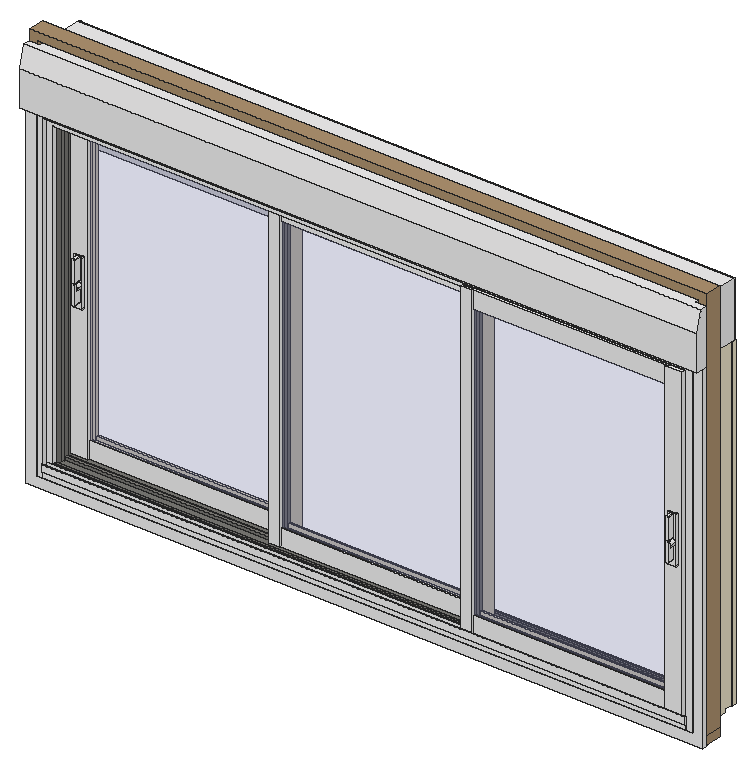
Revit family "K-LINE COULISSANT RENO-applique-KLBC3R-3V - Bloc Baie", category Fenêtres, Revit 2017 (continued)
Definition of nested family "Dormant KL-BC3R RENO applique occultation"
  Dimensions and locks
    aligned and locked: Extrusion 5 sketch curve to plane 6
    aligned and locked: Sweep 2 sketch curve to plane 5
    aligned and locked: plane 9 to Sweep 2 sketch curve
    aligned and locked: plane 1 "Centre (avant/arrière)" to Sweep 2 sketch curve
    aligned and locked: plane 6 to Sweep 2 sketch curve
    aligned and locked: Sweep 2 sketch curve to plane 10
    aligned and locked: plane 20 to Sweep 2 sketch curve
    aligned and locked: Sweep 3 sketch curve to plane 10
    aligned and locked: Sweep 3 sketch curve to plane 11
    aligned and locked: plane 5 to Sweep 3 sketch curve
    aligned and locked: plane 8 to Sweep 3 sketch curve
    aligned and locked: Sweep 1 sketch curve to plane 11
    aligned and locked: Sweep 1 sketch curve to plane 5
    aligned and locked: Sweep 1 sketch curve to plane 9
    aligned and locked: nested 4 to plane 1 "Centre (avant/arrière)"
    aligned and locked: plane 14 to nested 4
    aligned and locked: plane 2 to nested 3
    aligned and locked: plane 1 "Centre (avant/arrière)" to nested 3
    aligned and locked: plane 2 to Sweep 3 sketch curve  (x2)
    aligned and locked: plane 2 to Sweep 1 sketch curve  (x2)
    aligned and locked: plane 2 to Extrusion 4 sketch curve
    aligned and locked: plane 1 "Centre (avant/arrière)" to Extrusion 5 sketch curve
    aligned and locked: Extrusion 5 sketch curve to plane 2
    aligned and locked: Extrusion 5 to plane 23
    aligned and locked: Extrusion 5 to plane 20
    aligned and locked: nested 5 to plane 24
    aligned and locked: plane 25 to nested 5
    aligned and locked: Sweep 6 sketch curve to plane 28
    aligned and locked: Sweep 6 sketch curve to plane 29
    aligned and locked: nested 6 to plane 28
    aligned and locked: plane 24 to nested 6
    aligned and locked: nested 7 to plane 24
    aligned and locked: nested 7 to plane 30
    aligned and locked: plane 31 to nested 8
    aligned and locked: Sweep 1 sketch curve to plane 32
    aligned and locked: Sweep 1 sketch curve to plane 7
    aligned and locked: plane 31 to Extrusion 7 sketch curve
    aligned and locked: plane 24 to Extrusion 7 sketch curve
    aligned and locked: plane 34 to Extrusion 7 sketch curve
    aligned and locked: Extrusion 7 sketch curve to plane 26
    aligned and locked: Extrusion 7 to plane 29
    aligned and locked: Extrusion 7 to plane 27
    aligned and locked: plane 31 to Sweep 6 sketch curve  (x2)
    aligned and locked: plane 26 to Sweep 6 sketch curve
    aligned and locked: Sweep 3 sketch curve to plane 8
    aligned and locked: Sweep 3 sketch curve to plane 36
    aligned and locked: Sweep 3 sketch curve to plane 35
    aligned and locked: plane 9 to Sweep 3 sketch curve
    aligned and locked: plane 7 to Extrusion 4 sketch curve
    aligned and locked: plane 6 to Extrusion 4 sketch curve
    aligned and locked: Extrusion 8 sketch curve to plane 22
    aligned and locked: Extrusion 8 sketch curve to plane 4
    aligned and locked: plane 38 to Extrusion 8 sketch curve
    aligned and locked: plane 32 to Extrusion 8 sketch curve
    aligned and locked: Extrusion 8 sketch curve to plane 38
    aligned and locked: Extrusion 8 sketch curve to plane 32
    aligned and locked: plane 21 to Extrusion 8 sketch curve
    aligned and locked: plane 5 to Extrusion 8 sketch curve
    aligned and locked: plane 39 to Extrusion 8
    aligned and locked: plane 14 to Extrusion 8
    aligned and locked: Sweep 1 sketch curve to plane 21
    aligned and locked: plane 5 to Extrusion 10 sketch curve
    aligned and locked: plane 33 to Extrusion 10 sketch curve
    aligned and locked: plane 1 "Centre (avant/arrière)" to Extrusion 10 sketch curve
    aligned and locked: plane 24 to Extrusion 10 sketch curve
    aligned and locked: Extrusion 10 sketch curve to plane 1 "Centre (avant/arrière)"
    aligned and locked: Extrusion 10 sketch curve to plane 24
    aligned and locked: Extrusion 10 sketch curve to plane 4
    aligned and locked: plane 40 to Extrusion 10 sketch curve
    aligned and locked: Extrusion 10 to plane 2
    aligned and locked: plane 14 to Extrusion 10
    aligned and locked: plane 41 to Sweep 6 sketch curve
    aligned and locked: plane 5 to Sweep 9 sketch curve
    aligned and locked: Sweep 9 sketch curve to plane 33
    aligned and locked: plane 1 "Centre (avant/arrière)" to Sweep 9 sketch curve
    aligned and locked: Sweep 9 sketch curve to plane 24
  Automatic sketch dimensions
    Extrusion 5 sketch curve to plane 16 = 0.00 mm
    plane 1 "Centre (avant/arrière)" to Extrusion 5 sketch curve = 3.00 mm
    Extrusion 5 sketch curve to Extrusion 5 sketch curve = 2.00 mm
    plane 10 to Extrusion 5 sketch curve = 0.965 mm
    plane 15 to Extrusion 5 sketch curve = 2.00 mm
    Extrusion 5 sketch curve to plane 16 = 0.80 mm
    Sweep 1 sketch curve to plane 4 = 0.00 mm
    plane 5 to Sweep 1 sketch curve = 0.00 mm
    Sweep 1 sketch curve to Sweep 1 sketch curve = 9.80 mm
    Sweep 1 sketch curve to Sweep 1 sketch curve = 12.50 mm
    Sweep 2 sketch curve to level = 0.00 mm
    Sweep 2 sketch curve to plane 4 = 0.00 mm
    plane 5 to Sweep 2 sketch curve = 0.00 mm
    Sweep 2 sketch curve to plane 14 = 0.00 mm
    Sweep 3 sketch curve to plane 4 = 0.00 mm
    plane 5 to Sweep 3 sketch curve = 0.00 mm
    Sweep 3 sketch curve to plane 14 = 0.00 mm
    Sweep 6 sketch curve to plane 1 "Centre (avant/arrière)" = 16.75 mm
    Extrusion 4 sketch curve to plane 36 = 0.00 mm
    Extrusion 4 sketch curve to plane 35 = 0.00 mm
    Extrusion 4 sketch curve to plane 12 "Axe clou Int" = 0.00 mm
    plane 10 to Extrusion 4 sketch curve = 0.965 mm
    plane 37 to Extrusion 4 sketch curve = 0.001 mm
    plane 11 to Extrusion 4 sketch curve = 1.035 mm
    plane 13 "Axe coul Ext" to Extrusion 4 sketch curve = 0.001 mm
    plane 16 to Extrusion 4 sketch curve = 1.20 mm  (x4)
    Extrusion 4 sketch curve to Extrusion 4 sketch curve = 1.20 mm  (x2)
    plane 16 to Extrusion 4 sketch curve = 2.70 mm  (x3)
    Extrusion 8 sketch curve to plane 4 = 4.30 mm
    Extrusion 8 sketch curve to plane 5 = 4.30 mm
    Extrusion 8 sketch curve to plane 38 = 15.00 mm  (x2)
    Sweep 9 sketch curve to level = 0.00 mm
    Sweep 9 sketch curve to plane 4 = 0.00 mm
    Sweep 9 sketch curve to plane 14 = 0.00 mm  (x2)
    plane 5 to Sweep 9 sketch curve = 0.00 mm
    plane 5 to Sweep 6 sketch curve = 0.00 mm
    Sweep 6 sketch curve to plane 4 = 0.00 mm
  Nested families
    nested 1: "Détail 2D - Montant dormant BC3R RENO Applique" at (1195.7, 0, 0) x (0, -1, 0) z (0, 0, 1), type "Détail 2D - Montant dormant BC3R RENO Applique"
      with A 13.00 mm, Aile 38.00 mm
    nested 2: "Détail 2D - Montant dormant BC3R RENO Applique" at (-1195.7, 0, 0) x (0, -1, 0) z (0, 0, 1), type "Détail 2D - Montant dormant BC3R RENO Applique"
      with A 13.00 mm, Aile 38.00 mm
    nested 3: "Détail 2D - Traverse dormant BC3R RENO Applique occultation" at (0, 0, 0) x (0, -1, 0) z (1, 0, 0), Avec aile <- "Avec aile", type "Détail 2D - Traverse dormant BC3R RENO Applique occultation"
      with Traverses haute no, Traverse basse yes, Avec aile yes, A 11.00 mm
    nested 4: "Détail 2D - Traverse dormant BC3R RENO Applique occultation" at (0, 0, 1200) x (0, -1, 0) z (1, 0, 0), type "Détail 2D - Traverse dormant BC3R RENO Applique occultation"
      with Traverses haute yes, Traverse basse no, Avec aile no, A 23.00 mm
    nested 5: "Détail 2D cadre bois" at (1205, 16.75, 0), visible <- "Cadre existant - Visibilité", type "Détail 2D cadre bois"
      with P 60.00 mm
    nested 6: "Détail 2D cadre bois" at (-1205, 16.75, 0) x (-1, 0, 0) z (0, 0, 1), visible <- "Cadre existant - Visibilité", type "Détail 2D cadre bois"
      with P 60.00 mm
    nested 7: "Détail 2D cadre bois" at (0, 16.75, 1440) x (0, 0, -1) z (1, 0, 0), visible <- "Cadre existant - Visibilité", type "Détail 2D cadre bois"
      with P 60.00 mm
    nested 8: "Détail 2D cadre bois" at (0, 16.75, -35) x (0, 0, 1) z (1, 0, 0), visible <- "Cadre et sans aile", type "Détail 2D cadre bois"
      with P 60.00 mm
  Definition of nested family "Détail 2D - Montant dormant BC3R RENO Applique"
    Parameters
      Aile = 60.00 mm
      A [instance] = 13.00 mm
    Reference planes
      plane 1 "Centre (avant/arrière)": y = 0
      plane 2: z = 0
      plane 3 "Centre (gauche/droite)": x = 0
      plane 4: y = -46.8
      plane 5: x = -139.25
      plane 6: y = -33.8
      plane 7: y = -22.8
      plane 8: x = -124.25
      plane 9: x = -14.25
      plane 10: x = -29.25
      plane 11: x = -16.75
      plane 12: y = 60
      plane 13: x = -84.25
      plane 14: x = -69.25
      plane 15: y = 4.3
      plane 16: x = -191.75
      plane 17: y = -11
    Lines and regions (mm)
      Filled region 1, type "Uni - Gris", in view "Niveau de réf.", detail levels medium+fine
        outline origin (0, 0, 0) x (1, 0, 0) y (0, 1, 0)
          loop
            line (-29.25, -46.8) -> (-14.25, -46.8) -> (-14.25, -22.8) -> (0, -22.8) -> (0, 60) -> (-16.75, 60) -> (-16.75, 0) -> (-176.75, 0) -> (-176.75, 4.3) -> (-191.75, 4.3) -> (-191.75, -11) -> (-126.75, -11) -> (-126.75, -20.8) -> (-139.25, -20.8) -> (-139.25, -46.8) -> (-124.25, -46.8) -> (-124.25, -33.8) -> (-84.25, -33.8) -> (-84.25, -46.8) -> (-69.25, -46.8) -> (-69.25, -33.8) -> (-29.25, -33.8) -> (-29.25, -46.8)
      Filled region 2, type "Uni - Blanc", in view "Niveau de réf.", detail levels coarse
        outline origin (0, 0, 0) x (1, 0, 0) y (0, 1, 0)
          loop
            line (-139.25, 0) -> (-139.25, -46.8) -> (0, -46.8) -> (0, 0) -> (-139.25, 0)
    Dimensions and locks
      "A": plane 6 to plane 4
      plane 7 to plane 1 "Centre (avant/arrière)" = 22.80 mm
      locked: plane 7 to plane 4 at 24
      locked: plane 3 "Centre (gauche/droite)" to plane 9 at 14.25
      locked: plane 5 to plane 8 at 15
      locked: plane 10 to plane 9 at 15
      locked: plane 11 to plane 3 "Centre (gauche/droite)" at 16.75
      "Aile": plane 12 to plane 1 "Centre (avant/arrière)"
      locked: plane 13 to plane 14 at 15
      locked: plane 8 to plane 13 at 40
      locked: plane 14 to plane 10 at 40
      locked: plane 1 "Centre (avant/arrière)" to plane 15 at 4.3
      locked: plane 17 to plane 1 "Centre (avant/arrière)" at 11
      aligned and locked: plane 5 to Filled region 2 sketch curve
      aligned and locked: plane 4 to Filled region 2 sketch curve
      aligned and locked: Filled region 2 to plane 1 "Centre (avant/arrière)"
      aligned and locked: plane 4 to Filled region 1 sketch curve
      aligned and locked: Filled region 1 sketch curve to plane 4
      aligned and locked: plane 7 to Filled region 1 sketch curve
      aligned and locked: plane 1 "Centre (avant/arrière)" to Filled region 1 sketch curve
      aligned and locked: Filled region 1 sketch curve to plane 3 "Centre (gauche/droite)"
      aligned and locked: plane 9 to Filled region 1 sketch curve
      aligned and locked: Filled region 1 sketch curve to plane 10
      aligned and locked: plane 8 to Filled region 1 sketch curve
      aligned and locked: plane 3 "Centre (gauche/droite)" to Filled region 2
      aligned and locked: plane 11 to Filled region 1 sketch curve
      aligned and locked: Filled region 1 sketch curve to plane 12
      aligned and locked: Filled region 1 sketch curve to plane 16
      aligned and locked: Filled region 1 sketch curve to plane 17
      aligned and locked: plane 15 to Filled region 1 sketch curve
    Automatic sketch dimensions
      Filled region 2 sketch curve to plane 3 "Centre (gauche/droite)" = 0.00 mm
      plane 1 "Centre (avant/arrière)" to Filled region 2 sketch curve = 0.00 mm
      Filled region 1 sketch curve to plane 5 = 0.00 mm
      Filled region 1 sketch curve to plane 6 = 0.00 mm  (x2)
      Filled region 1 sketch curve to plane 13 = 0.00 mm
      Filled region 1 sketch curve to plane 4 = 0.00 mm
      Filled region 1 sketch curve to plane 14 = 0.00 mm
      Filled region 1 sketch curve to plane 8 = 2.50 mm
      plane 7 to Filled region 1 sketch curve = 2.00 mm
      plane 16 to Filled region 1 sketch curve = 15.00 mm
  Definition of nested family "Détail 2D - Traverse dormant BC3R RENO Applique occultation"
    Parameters
      Traverses haute [instance] = not(Traverse basse)  # no
      Traverse basse [instance] = yes
      Avec aile [instance] = yes
      Aile = 45.00 mm
      A [instance] = 13.00 mm
    Reference planes
      plane 1 "Centre (avant/arrière)": y = 0
      plane 2: z = 0
      plane 3 "Centre (gauche/droite)": x = 0
      plane 4: y = -46.8
      plane 5: x = -139.25
      plane 6: y = -33.8
      plane 7: y = -22.8
      plane 8: x = -124.25
      plane 9: x = -14.25
      plane 10: x = -29.25
      plane 11: x = -84.25
      plane 12: x = -69.25
      plane 13: y = 45
      plane 14: x = -16.75
    Lines and regions (mm)
      Filled region 1, type "Uni - Gris", in view "Niveau de réf.", visible <- "Traverses haute", detail levels medium+fine
        outline origin (0, 0, 0) x (1, 0, 0) y (0, 1, 0)
          loop
            line (-29.25, -46.8) -> (-14.25, -46.8) -> (-14.25, -22.8) -> (0, -22.8) -> (0, 0) -> (-149.25, 0) -> (-149.25, -11) -> (-126.75, -11) -> (-126.75, -20.8) -> (-139.25, -20.8) -> (-139.25, -46.8) -> (-124.25, -46.8) -> (-124.25, -33.8) -> (-84.25, -33.8) -> (-84.25, -46.8) -> (-69.25, -46.8) -> (-69.25, -33.8) -> (-29.25, -33.8) -> (-29.25, -46.8)
      Filled region 2, type "Uni - Blanc", in view "Niveau de réf.", detail levels coarse
        outline origin (0, 0, 0) x (1, 0, 0) y (0, 1, 0)
          loop
            line (-139.25, 0) -> (-139.25, -46.8) -> (0, -46.8) -> (0, 0) -> (-139.25, 0)
      Filled region 3, type "Uni - Gris", in view "Niveau de réf.", visible <- "Traverse basse", detail levels medium+fine
        outline origin (0, 0, 0) x (1, 0, 0) y (0, 1, 0)
          loop
            line (-139.25, -47.5) -> (-131.75, -49) -> (-124.25, -47.5) -> (-124.25, -33.8) -> (-84.25, -33.8) -> (-84.25, -47.5) -> (-76.75, -49) -> (-69.25, -47.5) -> (-69.25, -33.8) -> (-29.25, -33.8) -> (-29.25, -47.5) -> (-21.75, -49) -> (-14.25, -47.5) -> (-14.25, -22.8) -> (3, -22.8) -> (3, -46) -> (5, -46) -> (5, -20.8) -> (0, -20.8) -> (0, 0) -> (-149.25, 0) -> (-149.25, -11) -> (-126.75, -11) -> (-126.75, -20.789) -> (-139.25, -20.789) -> (-139.25, -47.5)
      Filled region 4, type "Uni - Gris", in view "Niveau de réf.", visible <- "Avec aile", detail levels medium+fine
        outline origin (0, 0, 0) x (1, 0, 0) y (0, 1, 0)
          loop
            line (-16.75, 45) -> (-16.75, 0) -> (0, 0) -> (0, 45) -> (-16.75, 45)
    Dimensions and locks
      "A": plane 6 to plane 4
      plane 7 to plane 1 "Centre (avant/arrière)" = 22.80 mm
      locked: plane 7 to plane 4 at 24
      locked: plane 3 "Centre (gauche/droite)" to plane 9 at 14.25
      locked: plane 5 to plane 8 at 15
      locked: plane 10 to plane 9 at 15
      locked: Filled region 3 sketch curve to Filled region 3 sketch curve at 25.2
      locked: Filled region 3 sketch curve to Filled region 3 sketch curve at 2
      locked: plane 11 to plane 12 at 15
      locked: plane 8 to plane 11 at 40
      locked: plane 12 to plane 10 at 40
      locked: plane 14 to plane 3 "Centre (gauche/droite)" at 16.75
      "Aile": plane 1 "Centre (avant/arrière)" to plane 13
      aligned and locked: plane 5 to Filled region 2 sketch curve
      aligned and locked: plane 4 to Filled region 2 sketch curve
      aligned and locked: Filled region 2 to plane 1 "Centre (avant/arrière)"
      aligned and locked: Filled region 1 to plane 7
      aligned and locked: plane 4 to Filled region 1 sketch curve  (x2)
      aligned and locked: Filled region 1 sketch curve to plane 4
      aligned and locked: Filled region 1 sketch curve to plane 5
      aligned and locked: plane 7 to Filled region 1 sketch curve
      aligned and locked: plane 1 "Centre (avant/arrière)" to Filled region 1 sketch curve
      aligned and locked: Filled region 1 sketch curve to plane 3 "Centre (gauche/droite)"
      aligned and locked: plane 9 to Filled region 1 sketch curve
      aligned and locked: Filled region 1 sketch curve to plane 10
      aligned and locked: plane 8 to Filled region 1 sketch curve
      aligned and locked: plane 6 to Filled region 3 sketch curve
      aligned and locked: plane 7 to Filled region 3 sketch curve
      aligned and locked: plane 5 to Filled region 3 sketch curve
      aligned and locked: Filled region 3 sketch curve to plane 8
      aligned and locked: Filled region 3 sketch curve to plane 10
      aligned and locked: plane 9 to Filled region 3 sketch curve
      aligned and locked: Filled region 3 sketch curve to plane 3 "Centre (gauche/droite)"
      aligned and locked: plane 3 "Centre (gauche/droite)" to Filled region 2
      aligned and locked: Filled region 3 sketch curve to plane 6
      aligned and locked: Filled region 3 sketch curve to plane 12
      aligned and locked: plane 11 to Filled region 3 sketch curve
      aligned and locked: plane 11 to Filled region 1 sketch curve
      aligned and locked: Filled region 1 sketch curve to plane 12
      aligned and locked: Filled region 4 sketch curve to plane 13
      aligned and locked: plane 14 to Filled region 4 sketch curve
      aligned and locked: Filled region 4 sketch curve to plane 3 "Centre (gauche/droite)"
      aligned and locked: Filled region 4 sketch curve to plane 1 "Centre (avant/arrière)"
    Automatic sketch dimensions
      Filled region 2 sketch curve to plane 3 "Centre (gauche/droite)" = 0.00 mm
      plane 1 "Centre (avant/arrière)" to Filled region 2 sketch curve = 0.00 mm
      plane 1 "Centre (avant/arrière)" to Filled region 3 sketch curve = 0.00 mm
      Filled region 3 sketch curve to plane 5 = 10.00 mm
      Filled region 3 sketch curve to plane 4 = 2.20 mm  (x3)
      Filled region 3 sketch curve to plane 8 = 7.50 mm
      Filled region 3 sketch curve to plane 8 = 2.50 mm
      Filled region 3 sketch curve to plane 12 = 7.50 mm
      plane 9 to Filled region 3 sketch curve = 7.50 mm
      plane 3 "Centre (gauche/droite)" to Filled region 3 sketch curve = 3.00 mm
      Filled region 3 sketch curve to Filled region 3 sketch curve = 2.00 mm
      Filled region 3 sketch curve to plane 4 = 0.70 mm  (x6)
      plane 7 to Filled region 3 sketch curve = 2.011 mm
      Filled region 3 sketch curve to Filled region 3 sketch curve = 9.789 mm
      Filled region 1 sketch curve to plane 6 = 0.00 mm  (x2)
      Filled region 1 sketch curve to plane 5 = 10.00 mm
      Filled region 1 sketch curve to plane 8 = 2.50 mm
      plane 7 to Filled region 1 sketch curve = 2.00 mm
      plane 1 "Centre (avant/arrière)" to Filled region 1 sketch curve = 11.00 mm
  Definition of nested family "Détail 2D cadre bois"
    Parameters
      P = 100.00 mm
      L = 30.00 mm
    Reference planes
      plane 1 "Centre (avant/arrière)": y = 0
      plane 2: z = 0
      plane 3 "Centre (gauche/droite)": x = 0
      plane 4: y = 100
      plane 5: x = 30
    Lines and regions (mm)
      Filled region 1, type "Bois - Finition", in view "Niveau de réf."
        outline origin (0, 0, 0) x (1, 0, 0) y (0, 1, 0)
          loop
            line (0, 100) -> (0, 0) -> (30, 0) -> (30, 100) -> (0, 100)
    Dimensions and locks
      "L": plane 5 to plane 3 "Centre (gauche/droite)"
      "P": plane 4 to plane 1 "Centre (avant/arrière)"
      aligned and locked: Filled region 1 sketch curve to plane 4
      aligned and locked: plane 3 "Centre (gauche/droite)" to Filled region 1 sketch curve
      aligned and locked: Filled region 1 sketch curve to plane 1 "Centre (avant/arrière)"
      aligned and locked: Filled region 1 sketch curve to plane 5
Definition of nested family "Ouvrant central KLBC3R"
  Parameters (values of type "Ouvrant central KLBC3R")
    Vitrage = none
    Visibilité ouverture = yes
    Position traverses = if([3 traverses], (Height - 274.00 mm) / 4 + 50.00 mm, (Height - 224.00 mm) / 3 + 50.00 mm)  # 689.667 mm
    Porte Fenetre = yes
    Nb traverses = 0.00 mm
    Lg vitrage = Width - 50.00 mm  # 683.333 mm
    Lg traverse = Width - 80.00 mm  # 653.333 mm
    Width = 733.333 mm
    Ht vitrage = Height - 96.00 mm  # 2047.00 mm
    Ht traverse 1 = 931.00 mm
    Height = 2143.00 mm
    Couleur châssis Int = none
    Couleur châssis Ext = none
    Analytic Construction = "<Aucun>"
    3 traverses = Nb traverses = 3.00 mm  # no
    2 traverses = or(Nb traverses = 2.00 mm, Nb traverses = 3.00 mm)  # no
    1 traverse = Nb traverses = 1.00 mm  # no
  Reference planes
    plane 1 "Centre (avant/arrière)": y = 0
    plane 2: z = 0
    plane 3 "Centre (gauche/droite)": x = 0
    plane 4: x = -733.333
    plane 5: y = 21.75
    plane 6 "Nu ext": y = -21.75
    plane 7: x = -40
    plane 8: x = -25
    plane 9: x = -3
    plane 10: x = -693.333
    plane 11: x = -708.333
    plane 12: x = -713.333
    plane 13: y = -14
    plane 14: y = 14
    plane 15: y = -8
    plane 16: y = 8
    plane 17: x = -730.333
    plane 18: y = 28.25
    plane 19: z = 2143
    plane 20: z = 1071.5
    plane 21: z = 62
    plane 22: z = 48
    plane 23: z = 13
    plane 24: y = -20
    plane 25: y = 20
    plane 26: z = 2081
    plane 27: z = 2095
    plane 28: z = 2130
    plane 29: x = -20
    plane 30: x = -366.667
    plane 31: z = 726.667
    plane 32: z = 1416.333
    plane 33: z = 2106
    plane 34: z = 2795.667
    plane 35: z = 37
    plane 36: z = 931
    plane 37: y = 120
    plane 38: y = -28.25
    plane 39: y = 74.75
  Forms (mm)
    Extrusion 1, solid
      sketch origin (0, 0, 0) x (1, 0, 0) y (0, 1, 0)
        loop
          line (-730.333, 28.25) -> (-730.333, -14) -> (-708.333, -14) -> (-708.333, 14) -> (-693.333, 14) -> (-693.333, 21.75) -> (-713.333, 21.75) -> (-713.333, 28.25) -> (-730.333, 28.25)
        loop
          line (-3, -28.25) -> (-3, 14) -> (-25, 14) -> (-25, -14) -> (-40, -14) -> (-40, -21.75) -> (-20, -21.75) -> (-20, -28.25) -> (-3, -28.25)
      from 0 to 2143
    Extrusion 2, solid, material <- "Couleur châssis Ext"
      sketch origin (0, 0, 0) x (1, 0, 0) y (0, 1, 0)
        loop
          line (-733.333, 28.25) -> (-733.333, -21.75) -> (-693.333, -21.75) -> (-693.333, -14) -> (-730.333, -14) -> (-730.333, 28.25) -> (-733.333, 28.25)
      from 0 to 2143
    Extrusion 3, solid, material <- "Couleur châssis Ext"
      sketch origin (0, 0, 0) x (0, 1, 0) y (0, 0, 1)
        loop
          line (-20, 62) -> (-20, 0) -> (-8, 0) -> (-8, 13) -> (0, 13) -> (0, 48) -> (-14, 48) -> (-14, 62) -> (-20, 62)
        loop
          line (-20, 2081) -> (-14, 2081) -> (-14, 2095) -> (0, 2095) -> (0, 2130) -> (-8, 2130) -> (-8, 2143) -> (-20, 2143) -> (-20, 2081)
      from -40 to -693.333
    Extrusion 4, void
      sketch origin (0, 0, 0) x (0, 1, 0) y (0, 0, 1)
        loop
          line (-8, 13) -> (-8, 0) -> (8, 0) -> (8, 13) -> (-8, 13)
        loop
          line (-8, 2130) -> (8, 2130) -> (8, 2143) -> (-8, 2143) -> (-8, 2130)
      from 0 to -733.333
    Extrusion 5, solid, material <- "Couleur châssis Int"
      sketch origin (0, 1.25, 0.625) x (0, -1, 0) y (0, 0, -1)
        loop
          line (-18.75, -61.375) -> (-12.75, -61.375) -> (-12.75, -47.375) -> (1.25, -47.375) -> (1.25, -12.375) -> (-6.75, -12.375) -> (-6.75, 0.625) -> (-18.75, 0.625) -> (-18.75, -61.375)
        loop
          line (-18.75, -2080.375) -> (-18.75, -2142.375) -> (-6.75, -2142.375) -> (-6.75, -2129.375) -> (1.25, -2129.375) -> (1.25, -2094.375) -> (-12.75, -2094.375) -> (-12.75, -2080.375) -> (-18.75, -2080.375)
      from -40 to -693.333
    Extrusion 6, solid, material <- "Couleur châssis Int"
      sketch origin (0, 0, 0) x (1, 0, 0) y (0, 1, 0)
        loop
          line (0, -28.25) -> (0, 21.75) -> (-40, 21.75) -> (-40, 14) -> (-3, 14) -> (-3, -28.25) -> (0, -28.25)
      from 0 to 2143
    Extrusion 7, solid, material <- "Couleur châssis Int", visible <- "Porte Fenetre"
      sketch origin (0, 0, 0) x (1, 0, 0) y (0, 1, 0)
        loop
          line (-40, 74.75) -> (-40, 21.75) -> (0, 21.75) -> (0, 74.75) -> (-40, 74.75)
      from 13 to 2130
  Cuts and joins
    Extrusion 4 cuts Extrusion 3
    Extrusion 4 cuts Extrusion 2
    Extrusion 4 cuts Extrusion 1
    Extrusion 4 cuts Extrusion 6
  Lines and regions (mm)
    symbolic lines
      curve 1: line (-466.667, 0, 1071.5) -> (-266.667, 0, 1071.5)
      curve 2: line (-466.667, 0, 1071.5) -> (-430.414, 0, 1088.405)
      curve 3: line (-466.667, 0, 1071.5) -> (-430.414, 0, 1054.595)
      curve 9: line (-266.667, 0, 1071.5) -> (-302.919, 0, 1088.405)
      curve 10: line (-266.667, 0, 1071.5) -> (-302.919, 0, 1054.595)
    symbolic lines, visible <- "Visibilité ouverture"
      curve 4: line (-466.667, 120, 0) -> (-266.667, 120, 0)
      curve 5: line (-466.667, 120, 0) -> (-428.03, 130.353, 0)
      curve 6: line (-466.667, 120, 0) -> (-428.03, 109.647, 0)
      curve 7: line (-266.667, 120, 0) -> (-305.304, 130.353, 0)
      curve 8: line (-266.667, 120, 0) -> (-305.304, 109.647, 0)
    model lines, visible <- "Visibilité ouverture"
      curve 11: line (-466.667, -21.75, 1071.5) -> (-430.414, -21.75, 1054.595)
      curve 12: line (-466.667, -21.75, 1071.5) -> (-266.667, -21.75, 1071.5)
      curve 13: line (-466.667, -21.75, 1071.5) -> (-430.414, -21.75, 1088.405)
      curve 14: line (-266.667, -21.75, 1071.5) -> (-302.919, -21.75, 1088.405)
      curve 15: line (-266.667, -21.75, 1071.5) -> (-302.919, -21.75, 1054.595)
  Dimensions and locks
    "Width": plane 4 to plane 3 "Centre (gauche/droite)"
    locked: plane 5 to plane 1 "Centre (avant/arrière)" at 21.75
    locked: plane 6 "Nu ext" to plane 1 "Centre (avant/arrière)" at 21.75
    locked: plane 7 to plane 8 at 15
    locked: plane 9 to plane 3 "Centre (gauche/droite)" at 3
    locked: plane 10 to plane 11 at 15
    locked: plane 4 to plane 12 at 20
    locked: plane 12 to plane 10 at 20
    locked: plane 6 "Nu ext" to plane 13 at 7.75
    locked: plane 5 to plane 14 at 7.75
    locked: plane 15 to plane 1 "Centre (avant/arrière)" at 8
    locked: plane 16 to plane 1 "Centre (avant/arrière)" at 8
    locked: plane 4 to plane 17 at 3
    locked: plane 6 "Nu ext" to plane 18 at 50
    "Height": plane 19 to plane 2
    equal spacing: plane 19, plane 20, plane 2
    locked: plane 21 to plane 2 at 62
    locked: plane 21 to plane 22 at 14
    locked: plane 2 to plane 23 at 13
    locked: plane 24 to plane 13 at 6
    locked: plane 25 to plane 14 at 6
    locked: plane 26 to plane 27 at 14
    locked: plane 19 to plane 28 at 13
    locked: plane 26 to plane 19 at 62
    locked: plane 29 to plane 3 "Centre (gauche/droite)" at 20
    equal spacing: plane 11, plane 30, plane 8
    "Position traverses": plane 32 to plane 31
    "Position traverses": plane 33 to plane 32
    "Position traverses": plane 34 to plane 33
    locked: plane 21 to plane 35 at 25
    "Position traverses": plane 31 to plane 35
    "Ht traverse 1": plane 36 to plane 2
    locked: plane 37 to plane 1 "Centre (avant/arrière)" at 120
    locked: plane 7 to plane 29 at 20
    locked: plane 38 to plane 6 "Nu ext" at 6.5
    locked: plane 39 to plane 5 at 53
    aligned and locked: level to plane 2
    aligned and locked: plane 17 to Extrusion 1 sketch curve
    aligned and locked: plane 12 to Extrusion 1 sketch curve
    aligned and locked: plane 10 to Extrusion 1 sketch curve
    aligned and locked: plane 11 to Extrusion 1 sketch curve
    aligned and locked: plane 13 to Extrusion 1 sketch curve
    aligned and locked: plane 4 to Extrusion 2 sketch curve
    aligned and locked: Extrusion 2 sketch curve to plane 17
    aligned and locked: Extrusion 2 sketch curve to plane 13
    aligned and locked: plane 10 to Extrusion 2 sketch curve
    aligned and locked: Extrusion 2 sketch curve to plane 6 "Nu ext"
    aligned and locked: plane 18 to Extrusion 2 sketch curve
    aligned and locked: plane 18 to Extrusion 1 sketch curve
    aligned and locked: Extrusion 1 sketch curve to plane 5
    aligned and locked: Extrusion 1 sketch curve to plane 14
    aligned and locked: Extrusion 2 to plane 2
    aligned and locked: Extrusion 1 to plane 2
    aligned and locked: plane 19 to Extrusion 1
    aligned and locked: plane 19 to Extrusion 2
    aligned and locked: plane 24 to Extrusion 3 sketch curve
    aligned and locked: plane 21 to Extrusion 3 sketch curve
    aligned and locked: plane 13 to Extrusion 3 sketch curve
    aligned and locked: plane 22 to Extrusion 3 sketch curve
    aligned and locked: Extrusion 3 sketch curve to plane 1 "Centre (avant/arrière)"
    aligned and locked: plane 23 to Extrusion 3 sketch curve
    aligned and locked: Extrusion 3 sketch curve to plane 2
    aligned and locked: Extrusion 3 sketch curve to plane 24
    aligned and locked: Extrusion 3 sketch curve to plane 19
    aligned and locked: Extrusion 3 sketch curve to plane 28
    aligned and locked: plane 1 "Centre (avant/arrière)" to Extrusion 3 sketch curve
    aligned and locked: Extrusion 3 sketch curve to plane 27
    aligned and locked: Extrusion 3 sketch curve to plane 13
    aligned and locked: Extrusion 3 sketch curve to plane 26
    aligned and locked: plane 15 to Extrusion 3 sketch curve
    aligned and locked: Extrusion 3 sketch curve to plane 15
    aligned and locked: plane 23 to Extrusion 4 sketch curve
    aligned and locked: Extrusion 4 sketch curve to plane 16
    aligned and locked: plane 2 to Extrusion 4 sketch curve
    aligned and locked: Extrusion 4 sketch curve to plane 15
    aligned and locked: plane 19 to Extrusion 4 sketch curve
    aligned and locked: plane 16 to Extrusion 4 sketch curve
    aligned and locked: Extrusion 4 sketch curve to plane 28
    aligned and locked: plane 15 to Extrusion 4 sketch curve
    aligned and locked: Extrusion 4 to plane 4
    aligned and locked: plane 3 "Centre (gauche/droite)" to Extrusion 4
    aligned and locked: plane 10 to Extrusion 3
    aligned and locked: plane 7 to cut or joined group of Extrusion 3, Extrusion 4
    aligned and locked: plane 19 to Extrusion 5 sketch curve
    aligned and locked: plane 28 to Extrusion 5 sketch curve
    aligned and locked: plane 1 "Centre (avant/arrière)" to Extrusion 5 sketch curve
    aligned and locked: Extrusion 5 sketch curve to plane 16
    aligned and locked: plane 25 to Extrusion 5 sketch curve
    aligned and locked: plane 27 to Extrusion 5 sketch curve
    aligned and locked: plane 26 to Extrusion 5 sketch curve
    aligned and locked: plane 14 to Extrusion 5 sketch curve
    aligned and locked: Extrusion 5 sketch curve to plane 21
    aligned and locked: Extrusion 5 sketch curve to plane 22
    aligned and locked: Extrusion 5 sketch curve to plane 23
    aligned and locked: plane 2 to Extrusion 5 sketch curve
    aligned and locked: Extrusion 5 sketch curve to plane 25
    aligned and locked: Extrusion 5 sketch curve to plane 14
    aligned and locked: plane 16 to Extrusion 5 sketch curve
    aligned and locked: Extrusion 5 sketch curve to plane 1 "Centre (avant/arrière)"
    aligned and locked: plane 1 "Centre (avant/arrière)" to nested 1
    aligned and locked: plane 30 to nested 1
    aligned and locked: nested 1 to plane 22
    aligned and locked: nested 2 to plane 1 "Centre (avant/arrière)"
    aligned and locked: plane 19 to nested 2
    aligned and locked: plane 2 to nested 3
    aligned and locked: plane 1 "Centre (avant/arrière)" to nested 3
    aligned and locked: plane 4 to nested 4
    aligned and locked: plane 1 "Centre (avant/arrière)" to nested 4
    aligned and locked: plane 10 to Extrusion 5
    aligned and locked: nested 5 to plane 30
    aligned and locked: nested 5 to plane 1 "Centre (avant/arrière)"
    aligned and locked: plane 31 to nested 6
    aligned and locked: plane 32 to nested 7
    aligned and locked: plane 33 to nested 8
    aligned and locked: nested 8 to plane 1 "Centre (avant/arrière)"
    aligned and locked: nested 7 to plane 1 "Centre (avant/arrière)"
    aligned and locked: nested 6 to plane 1 "Centre (avant/arrière)"
    aligned and locked: plane 36 to nested 5
    aligned and locked: nested 6 to plane 30
    aligned and locked: nested 7 to plane 30
    aligned and locked: nested 8 to plane 30
    aligned and locked: plane 7 to Extrusion 5
    aligned and locked: nested 9 to plane 3 "Centre (gauche/droite)"
    aligned and locked: nested 9 to plane 1 "Centre (avant/arrière)"
    aligned and locked: plane 7 to Extrusion 6 sketch curve
    aligned and locked: plane 9 to Extrusion 6 sketch curve
    aligned and locked: Extrusion 6 sketch curve to plane 3 "Centre (gauche/droite)"
    aligned and locked: Extrusion 6 sketch curve to plane 14
    aligned and locked: Extrusion 6 sketch curve to plane 5
    aligned and locked: plane 38 to Extrusion 6 sketch curve
    aligned and locked: plane 7 to Extrusion 1 sketch curve
    aligned and locked: plane 8 to Extrusion 1 sketch curve
    aligned and locked: plane 29 to Extrusion 1 sketch curve
    aligned and locked: Extrusion 1 sketch curve to plane 9
    aligned and locked: plane 38 to Extrusion 1 sketch curve
    aligned and locked: Extrusion 1 sketch curve to plane 6 "Nu ext"
    aligned and locked: Extrusion 1 sketch curve to plane 13
    aligned and locked: plane 14 to Extrusion 1 sketch curve
    aligned and locked: plane 39 to Extrusion 7 sketch curve
    aligned and locked: plane 7 to Extrusion 7 sketch curve
    aligned and locked: plane 5 to Extrusion 7 sketch curve
    aligned and locked: Extrusion 7 sketch curve to plane 3 "Centre (gauche/droite)"
    aligned and locked: plane 23 to Extrusion 7
    aligned and locked: plane 28 to Extrusion 7
    aligned and locked: plane 19 to Extrusion 6
    aligned and locked: Extrusion 6 to level
  Automatic sketch dimensions
    curve 6 to plane 37 = 0.00 mm
    curve 6 to plane 30 = 100.00 mm
    plane 30 to curve 8 = 100.00 mm
    plane 37 to curve 5 = 10.353 mm
    curve 4 to curve 5 = 38.637 mm
    curve 6 to plane 37 = 10.353 mm
    curve 6 to curve 5 = 0.00 mm
    plane 37 to curve 7 = 10.353 mm
    curve 7 to curve 7 = 38.637 mm
    curve 8 to plane 37 = 10.353 mm
    curve 8 to curve 7 = 0.00 mm
    curve 3 to plane 20 = 0.00 mm
    curve 3 to plane 30 = 100.00 mm
    plane 30 to curve 10 = 100.00 mm
    plane 20 to curve 2 = 16.905 mm
    curve 1 to curve 2 = 36.252 mm
    curve 3 to plane 20 = 16.905 mm
    curve 2 to curve 3 = 0.00 mm
    plane 20 to curve 9 = 16.905 mm
    curve 9 to curve 9 = 36.252 mm
    curve 10 to plane 20 = 16.905 mm
    curve 9 to curve 10 = 0.00 mm
    curve 12 to plane 20 = 0.00 mm
    plane 30 to curve 12 = 100.00 mm
    plane 20 to curve 11 = 16.905 mm
    curve 11 to curve 11 = 36.252 mm
    curve 12 to plane 30 = 100.00 mm
    curve 13 to plane 20 = 16.905 mm
    curve 13 to curve 11 = 0.00 mm
    curve 14 to plane 20 = 16.905 mm
    curve 14 to curve 14 = 36.252 mm
    plane 20 to curve 15 = 16.905 mm
    curve 14 to curve 15 = 0.00 mm
  Nested families
    nested 1: "Vitrage" at (-366.667, 0, 48), Width <- "Lg vitrage", Height <- "Ht vitrage", type "Vitrage"
      with Width 683.333 mm, Height 2047.00 mm
    nested 2: "Détail 2D - KLBC - Profil ouvrant" at (0, 0, 2081) x (0, 1, 0) z (1, 0, 0), type "Détail 2D - KLBC - Profil ouvrant"
      with Traverse yes, Pf vitrage 14.00 mm, Lg 40.00 mm, Ht 62.00 mm
    nested 3: "Détail 2D - KLBC - Profil ouvrant" at (0, 0, 62) x (0, 1, 0) z (1, 0, 0), type "Détail 2D - KLBC - Profil ouvrant"
      with Traverse yes, Pf vitrage 14.00 mm, Lg 40.00 mm, Ht 62.00 mm
    nested 4: "Détail 2D - KLBC - Montant central" at (-733.333, 0, 0), type "Détail 2D - KLBC - Montant central"
      with Profondeur 7.75 mm, Porte fenêtre no
    nested 5: "Traverse intermédiaire" at (-366.667, 0, 931) x (-1, 0, 0) z (0, 0, 1), visible <- "1 traverse", type "Traverse intermédiaire"
      with Longueur 653.333 mm
    nested 6: "Traverse intermédiaire" at (-366.667, 0, 726.667) x (-1, 0, 0) z (0, 0, 1), visible <- "2 traverses", type "Traverse intermédiaire"
      with Longueur 653.333 mm
    nested 7: "Traverse intermédiaire" at (-366.667, 0, 1416.333) x (-1, 0, 0) z (0, 0, 1), visible <- "2 traverses", type "Traverse intermédiaire"
      with Longueur 653.333 mm
    nested 8: "Traverse intermédiaire" at (-366.667, 0, 2106) x (-1, 0, 0) z (0, 0, 1), visible <- "3 traverses", type "Traverse intermédiaire"
      with Longueur 653.333 mm
    nested 9: "Détail 2D - KLBC - Montant central" at (0, 0, 0) x (-1, 0, 0) z (0, 0, 1), Porte fenêtre <- "Porte Fenetre", type "Détail 2D - KLBC - Montant central"
      with Profondeur 60.75 mm, Porte fenêtre yes
  Definition of nested family "Vitrage"
    Parameters
      Width [instance] = 823.00 mm
      K.LINE Verre = none
      Height [instance] = 1344.00 mm
      Ep verre Int = 4.00 mm
      Ep verre Ext = 4.00 mm
      Ep Vitrage = 28.00 mm
      Analytic Construction = "<Aucun>"
    Reference planes
      plane 1 "Centre (avant/arrière)": y = 0
      plane 2: z = 0
      plane 3 "Centre (gauche/droite)": x = 0
      plane 4: x = -411.5
      plane 5: x = 411.5
      plane 6: y = 14
      plane 7: y = -14
      plane 8: y = 10
      plane 9: y = -10
      plane 10: z = 1344
      plane 11: x = -401.5
      plane 12: x = 401.5
      plane 13: z = 10
      plane 14: z = 1334
    Forms (mm)
      Extrusion 1, solid, material <- "K.LINE Verre"
        sketch origin (0, 0, 0) x (1, 0, 0) y (0, 1, 0)
          loop
            line (-411.5, 14) -> (-411.5, -14) -> (411.5, -14) -> (411.5, 14) -> (-411.5, 14)
        from 0 to 1344
    Lines and regions (mm)
      symbolic lines, detail levels medium+fine
        curve 1: line (-411.5, 14, 0) -> (411.5, 14, 0)
        curve 2: line (-411.5, -14, 0) -> (-411.5, 14, 0)
        curve 3: line (411.5, -14, 0) -> (-411.5, -14, 0)
        curve 4: line (411.5, 14, 0) -> (411.5, -14, 0)
        curve 10: line (0, -14, 0) -> (0, 14, 0)
        curve 11: line (0, -14, 1344) -> (0, -14, 0)
        curve 12: line (0, 14, 1344) -> (0, -14, 1344)
        curve 13: line (0, 14, 0) -> (0, 14, 1344)
      symbolic lines, detail levels coarse
        curve 5: line (-411.5, 0, 0) -> (411.5, 0, 0)
        curve 15: line (0, 0, 0) -> (0, 0, 1344)
      symbolic lines, detail levels fine
        curve 6: line (411.5, -10, 0) -> (-411.5, -10, 0)
        curve 7: line (411.5, 10, 0) -> (-411.5, 10, 0)
        curve 8: line (-401.5, 10, 0) -> (-401.5, -10, 0)
        curve 9: line (401.5, 10, 0) -> (401.5, -10, 0)
        curve 14: line (0, 10, 0) -> (0, 10, 1344)
        curve 16: line (0, -10, 0) -> (0, -10, 1344)
        curve 17: line (0, 10, 1334) -> (0, -10, 1334)
        curve 18: line (0, 10, 10) -> (0, -10, 10)
    Dimensions and locks
      equal spacing: plane 4, plane 3 "Centre (gauche/droite)", plane 5
      equal spacing: plane 6, plane 1 "Centre (avant/arrière)", plane 7
      "Width": plane 4 to plane 5
      "Ep Vitrage": plane 6 to plane 7
      "Ep verre Ext": plane 6 to plane 8
      "Ep verre Int": plane 9 to plane 7
      "Height": plane 2 to plane 10
      plane 4 to plane 11 = 10.00 mm
      locked: plane 12 to plane 5 at 10
      locked: plane 14 to plane 10 at 10
      locked: plane 13 to plane 2 at 10
      aligned and locked: level to plane 2
      aligned and locked: Extrusion 1 sketch curve to plane 6
      aligned and locked: plane 4 to Extrusion 1 sketch curve
      aligned and locked: Extrusion 1 sketch curve to plane 7
      aligned and locked: Extrusion 1 sketch curve to plane 5
      aligned and locked: Extrusion 1 to plane 10
      aligned and locked: Extrusion 1 to plane 2
      aligned and locked: plane 4 to curve 2
      aligned and locked: curve 4 to plane 5
      aligned and locked: curve 1 to plane 6
      aligned and locked: plane 1 "Centre (avant/arrière)" to curve 5
      aligned and locked: curve 3 to plane 7
      aligned and locked: plane 8 to curve 7
      aligned and locked: curve 6 to plane 9
      aligned and locked: curve 8 to plane 11
      aligned and locked: plane 12 to curve 9
      aligned and locked: plane 2 to curve 10
      aligned and locked: plane 10 to curve 12
      aligned and locked: curve 11 to plane 7
      aligned and locked: plane 9 to curve 16
      aligned and locked: plane 1 "Centre (avant/arrière)" to curve 15
      aligned and locked: curve 14 to plane 8
      aligned and locked: curve 13 to plane 6
      aligned and locked: curve 17 to plane 14
      aligned and locked: curve 18 to plane 13
  Definition of nested family "Traverse intermédiaire"
    Parameters
      Longueur = 1520.00 mm
      Couleur int = none
      Couleur ext = none
    Reference planes
      plane 1 "Centre (avant/arrière)": y = 0
      plane 2: z = 0
      plane 3 "Centre (gauche/droite)": x = 0
      plane 4: y = 20
      plane 5: y = -20
      plane 6: y = 14
      plane 7: y = -14
      plane 8: x = -760
      plane 9: x = 760
      plane 10: z = 25
      plane 11: z = -25
      plane 12: z = 11
      plane 13: z = -11
    Forms (mm)
      Extrusion 1, solid, material <- "Couleur int"
        sketch origin (0, 0, 0) x (0, 1, 0) y (0, 0, 1)
          loop
            line (-20, 25) -> (-20, -25) -> (-14, -25) -> (-14, -11) -> (0, -11) -> (0, 11) -> (-14, 11) -> (-14, 25) -> (-20, 25)
        from -760 to 760
      Extrusion 2, solid, material <- "Couleur ext"
        sketch origin (0, 0, 0) x (0, -1, 0) y (0, 0, -1)
          loop
            line (-20, -25) -> (-14, -25) -> (-14, -11) -> (0, -11) -> (0, 11) -> (-14, 11) -> (-14, 25) -> (-20, 25) -> (-20, -25)
        from -760 to 760
    Dimensions and locks
      locked: plane 4 to plane 1 "Centre (avant/arrière)" at 20
      locked: plane 5 to plane 1 "Centre (avant/arrière)" at 20
      locked: plane 6 to plane 4 at 6
      locked: plane 7 to plane 5 at 6
      equal spacing: plane 8, plane 3 "Centre (gauche/droite)", plane 9
      "Longueur": plane 8 to plane 9
      locked: plane 10 to plane 2 at 25
      locked: plane 11 to level at 25
      locked: plane 10 to plane 12 at 14
      locked: plane 11 to plane 13 at 14
      aligned and locked: level to plane 2
      aligned and locked: plane 10 to Extrusion 1 sketch curve
      aligned and locked: Extrusion 1 sketch curve to plane 12
      aligned and locked: Extrusion 1 sketch curve to plane 13
      aligned and locked: plane 11 to Extrusion 1 sketch curve
      aligned and locked: plane 5 to Extrusion 1 sketch curve
      aligned and locked: Extrusion 1 sketch curve to plane 7  (x2)
      aligned and locked: plane 1 "Centre (avant/arrière)" to Extrusion 1 sketch curve
      aligned and locked: plane 1 "Centre (avant/arrière)" to Extrusion 2 sketch curve
      aligned and locked: plane 6 to Extrusion 2 sketch curve  (x2)
      aligned and locked: Extrusion 2 sketch curve to plane 4
      aligned and locked: Extrusion 2 sketch curve to plane 10
      aligned and locked: plane 12 to Extrusion 2 sketch curve
      aligned and locked: Extrusion 2 sketch curve to plane 11
      aligned and locked: plane 13 to Extrusion 2 sketch curve
      aligned and locked: plane 9 to Extrusion 2
      aligned and locked: plane 9 to Extrusion 1
      aligned and locked: Extrusion 1 to plane 8
      aligned and locked: Extrusion 2 to plane 8
  Definition of nested family "Détail 2D - KLBC - Profil ouvrant"
    Parameters
      Traverse [instance] = no
      Pf vitrage [instance] = if(Traverse, 14.00 mm, 15.00 mm)  # 15.00 mm
      Lg [instance] = if(Traverse, 40.00 mm, 43.50 mm)  # 43.50 mm
      Ht [instance] = if(Traverse, 62.00 mm, 62.50 mm)  # 62.50 mm
    Reference planes
      plane 1 "Centre (avant/arrière)": y = 0
      plane 2: z = 0
      plane 3 "Centre (gauche/droite)": x = 0
      plane 4: x = -21.75
      plane 5: x = 21.75
      plane 6: y = 62.5
      plane 7: x = -14
      plane 8: x = 14
      plane 9: x = -8
      plane 10: x = 8
      plane 11: y = 49.5
      plane 12: y = 15
    Lines and regions (mm)
      Filled region 1, type "Uni - Gris", in view "Niveau de réf.", detail levels medium+fine
        outline origin (0, 0, 0) x (1, 0, 0) y (0, 1, 0)
          loop
            line (-21.75, 62.5) -> (-21.75, 0) -> (-14, 0) -> (-14, 15) -> (14, 15) -> (14, 0) -> (21.75, 0) -> (21.75, 62.5) -> (8, 62.5) -> (8, 49.5) -> (-8, 49.5) -> (-8, 62.5) -> (-21.75, 62.5)
      Filled region 2, type "Uni - blanc", in view "Niveau de réf.", detail levels coarse
        outline origin (0, 0, 0) x (1, 0, 0) y (0, 1, 0)
          loop
            line (-21.75, 62.5) -> (-21.75, 0) -> (21.75, 0) -> (21.75, 62.5) -> (-21.75, 62.5)
    Dimensions and locks
      equal spacing: plane 4, plane 3 "Centre (gauche/droite)", plane 5
      "Lg": plane 4 to plane 5
      "Ht": plane 6 to plane 1 "Centre (avant/arrière)"
      locked: plane 7 to plane 3 "Centre (gauche/droite)" at 14
      locked: plane 8 to plane 3 "Centre (gauche/droite)" at 14
      locked: plane 9 to plane 3 "Centre (gauche/droite)" at 8
      locked: plane 10 to plane 3 "Centre (gauche/droite)" at 8
      locked: plane 6 to plane 11 at 13
      "Pf vitrage": plane 12 to plane 1 "Centre (avant/arrière)"
      aligned and locked: Filled region 1 sketch curve to plane 6  (x2)
      aligned and locked: Filled region 1 sketch curve to plane 10
      aligned and locked: Filled region 1 sketch curve to plane 9
      aligned and locked: Filled region 1 sketch curve to plane 11
      aligned and locked: Filled region 1 sketch curve to plane 5
      aligned and locked: plane 4 to Filled region 1 sketch curve
      aligned and locked: plane 12 to Filled region 1 sketch curve
      aligned and locked: Filled region 1 sketch curve to plane 8
      aligned and locked: Filled region 1 sketch curve to plane 1 "Centre (avant/arrière)"  (x2)
      aligned and locked: Filled region 1 sketch curve to plane 7
      aligned and locked: Filled region 2 sketch curve to plane 6
      aligned and locked: Filled region 2 sketch curve to plane 5
      aligned and locked: plane 4 to Filled region 2 sketch curve
      aligned and locked: Filled region 2 sketch curve to plane 1 "Centre (avant/arrière)"
  Definition of nested family "Détail 2D - KLBC - Montant central"
    Parameters
      Porte fenêtre [instance] = yes
      Profondeur [instance] = if(Porte fenêtre, 60.75 mm, 7.75 mm)  # 60.75 mm
    Reference planes
      plane 1 "Centre (avant/arrière)": y = 0
      plane 2: z = 0
      plane 3 "Centre (gauche/droite)": x = 0
      plane 4: y = 14
      plane 5: y = -14
      plane 6: y = -74.75
      plane 7: y = 28.25
      plane 8: y = 21.75
      plane 9: x = 20
      plane 10: x = 40
      plane 11: x = 25
    Lines and regions (mm)
      Filled region 1, type "Uni - Gris", in view "Niveau de réf.", detail levels medium+fine
        outline origin (0, 0, 0) x (1, 0, 0) y (0, 1, 0)
          loop
            line (20, 28.25) -> (0, 28.25) -> (0, -74.75) -> (40, -74.75) -> (40, -14) -> (25, -14) -> (25, 14) -> (40, 14) -> (40, 21.75) -> (20, 21.75) -> (20, 28.25)
      Filled region 2, type "Uni - blanc", in view "Niveau de réf.", detail levels coarse
        outline origin (0, 0, 0) x (1, 0, 0) y (0, 1, 0)
          loop
            line (0, 21.75) -> (0, -74.75) -> (40, -74.75) -> (40, 21.75) -> (0, 21.75)
    Dimensions and locks
      locked: plane 4 to plane 1 "Centre (avant/arrière)" at 14
      locked: plane 5 to plane 1 "Centre (avant/arrière)" at 14
      "Profondeur": plane 6 to plane 5
      locked: plane 8 to plane 4 at 7.75
      locked: plane 9 to plane 3 "Centre (gauche/droite)" at 20
      locked: plane 10 to plane 9 at 20
      locked: plane 11 to plane 10 at 15
      locked: plane 7 to plane 1 "Centre (avant/arrière)" at 28.25
      aligned and locked: Filled region 1 sketch curve to plane 7
      aligned and locked: Filled region 1 sketch curve to plane 9
      aligned and locked: Filled region 1 sketch curve to plane 8
      aligned and locked: Filled region 1 sketch curve to plane 10  (x2)
      aligned and locked: Filled region 1 sketch curve to plane 4
      aligned and locked: Filled region 1 sketch curve to plane 5
      aligned and locked: Filled region 1 sketch curve to plane 6
      aligned and locked: plane 3 "Centre (gauche/droite)" to Filled region 1 sketch curve
      aligned and locked: plane 11 to Filled region 1
      aligned and locked: plane 3 "Centre (gauche/droite)" to Filled region 2 sketch curve
      aligned and locked: Filled region 2 sketch curve to plane 10
      aligned and locked: Filled region 2 sketch curve to plane 6
      aligned and locked: Filled region 2 sketch curve to plane 8
    Automatic sketch dimensions
      Filled region 1 sketch curve to plane 11 = 0.00 mm
Definition of nested family "Bloc Baie Reno applique 3R"
  Parameters
    Visibilité des lames [instance] = yes
    Thermo = not(Bloc classic)  # no
    Voltage = "230V"
    Wattage = "160W maxi"
    Profondeur coffre = if(Bloc classic, 220.00 mm, (if(Grand T, 260.00 mm, 215.00 mm)))  # 220.00 mm
    Option habillage Ext = yes
    Largeur = 2889.80 mm
    Hauteur coffre = if(Bloc classic, 200.00 mm, (if(Grand T, 225.00 mm, 195.00 mm)))  # 200.00 mm
    Hauteur = 1984.90 mm
    Grand T = yes
    Manufacturer = ""
    Dépassement coffre = 38.00 mm
    Décalage coffre = if(Bloc classic, 4.00 mm, 32.00 mm)  # 4.00 mm
    Couleur lames = none
    Couleur Ext = none
    Bloc classic = yes
  Reference planes
    plane 1 "Centre (avant/arrière)": y = 0
    plane 2: z = 0
    plane 3 "Centre (gauche/droite)": x = 0
    plane 4: x = -1444.9
    plane 5: x = 1444.9
    plane 6: y = 26
    plane 7: x = 1400.4
    plane 8: x = -1400.4
    plane 9: z = 1984.9
    plane 10: y = 0
    plane 11: x = 1493.9
    plane 12: x = -1493.9
    plane 13: z = 1802.9
    plane 14: x = 1434.9
    plane 15: x = -1434.9
    plane 16: y = 220
    plane 17: z = 2184.9
    plane 18: y = -2
    plane 19: x = -1455.9
    plane 20: x = 1455.9
    plane 21: y = 175
    plane 22: z = 1959.539
    plane 23: z = 1980.9
  Forms (mm)
    Extrusion 1, solid, material <- "Couleur Ext"
      sketch origin (0, 0, 0) x (1, 0, 0) y (0, 1, 0)
        loop
          line (1400.4, 19.85) -> (1437.95, 19.85) -> (1437.95, 6.15) -> (1400.4, 6.15) -> (1400.4, 1.977) -> (1423.105, 0) -> (1444.9, 0) -> (1444.9, 26) -> (1423.105, 26) -> (1400.4, 24.023) -> (1400.4, 19.85)
        loop
          line (-1400.4, 19.85) -> (-1400.4, 24.023) -> (-1423.105, 26) -> (-1444.9, 26) -> (-1444.9, 0) -> (-1423.105, 0) -> (-1400.4, 1.977) -> (-1400.4, 6.15) -> (-1437.95, 6.15) -> (-1437.95, 19.85) -> (-1400.4, 19.85)
      from 0 to 1984.9
    Extrusion 2, solid, material <- "Couleur Ext", visible <- "Option habillage Ext"
      sketch origin (0, 0, 0) x (0, 1, 0) y (0, 0, 1)
        loop
          line (-2, 2184.9) -> (-2, 1980.9) -> (0, 1980.9) -> (0, 2184.9) -> (-2, 2184.9)
      from -1455.9 to 1455.9
    Extrusion 3, solid, material <- "Couleur lames", visible <- "Visibilité des lames"
      sketch origin (0, 0, 0) x (0, 1, 0) y (0, 0, 1)
        loop
          line (17, 1802.9) -> (17, 1835.396) -> (9, 1837.539) -> (9, 1802.9) -> (17, 1802.9)
        loop
          line (17, 1875.396) -> (9, 1877.539) -> (9, 1839.539) -> (17, 1837.396) -> (17, 1875.396)
        loop
          line (17, 1915.396) -> (9, 1917.539) -> (9, 1879.539) -> (17, 1877.396) -> (17, 1915.396)
        loop
          line (17, 1955.396) -> (9, 1957.539) -> (9, 1919.539) -> (17, 1917.396) -> (17, 1955.396)
        loop
          line (17, 1984.9) -> (9, 1984.9) -> (9, 1959.539) -> (17, 1957.396) -> (17, 1984.9)
      from -1434.9 to 1434.9
    Extrusion 4, solid, visible <- "Thermo"
      sketch origin (0, 0, 0) x (0, 1, 0) y (0, 0, 1)
        loop
          line (0, 2184.9) -> (0, 1984.9) -> (220, 1984.9) -> (220, 2184.9) -> (0, 2184.9)
      from -1493.9 to 1493.9
    Extrusion 5, void
      sketch origin (0, 0, 0) x (1, 0, 0) y (0, 1, 0)
        loop
          line (1455.9, 175) -> (1455.9, 0) -> (1493.9, 0) -> (1493.9, 175) -> (1455.9, 175)
        loop
          line (-1455.9, 175) -> (-1493.9, 175) -> (-1493.9, 0) -> (-1455.9, 0) -> (-1455.9, 175)
      from 1984.9 to 2184.9
    Extrusion 6, solid, visible <- "Bloc classic"
      sketch origin (0, 0, 0) x (0, 1, 0) y (0, 0, 1)
        loop
          line (0, 2184.9) -> (0, 1984.9) -> (220, 1984.9) -> (220, 2112.9) -> (202.048, 2184.9) -> (0, 2184.9)
      from -1493.9 to 1493.9
  Cuts and joins
    Extrusion 5 cuts Extrusion 4
    Extrusion 5 cuts Extrusion 6
  Lines and regions (mm)
    symbolic lines
      curve 1: line (0, 26, 1984.9) -> (0, 26, 0)
      curve 2: line (0, 26, 0) -> (0, 0, 0)
      curve 3: line (0, 0, 0) -> (0, 0, 1984.9)
  Dimensions and locks
    equal spacing: plane 4, plane 3 "Centre (gauche/droite)", plane 5
    "Largeur": plane 4 to plane 5
    locked: plane 7 to plane 5 at 44.5
    locked: plane 8 to plane 4 at 44.5
    "Hauteur": plane 9 to plane 2
    locked: plane 10 to plane 6 at 26
    locked: plane 14 to plane 5 at 10
    locked: plane 15 to plane 4 at 10
    "Profondeur coffre": plane 1 "Centre (avant/arrière)" to plane 16
    "Hauteur coffre": plane 9 to plane 17
    locked: plane 9 to plane 13 at 182
    locked: plane 18 to plane 1 "Centre (avant/arrière)" at 2
    locked: plane 19 to plane 4 at 11
    "Dépassement coffre": plane 12 to plane 19
    locked: plane 20 to plane 5 at 11
    "Dépassement coffre": plane 20 to plane 11
    locked: plane 1 "Centre (avant/arrière)" to plane 21 at 175
    locked: Extrusion 6 sketch curve to plane 16 at 17.952
    locked: plane 17 to Extrusion 6 sketch curve at 72
    locked: plane 9 to plane 22 at 25.361
    "Décalage coffre": plane 9 to plane 23
    aligned and locked: level to plane 2
    aligned and locked: Extrusion 1 sketch curve to plane 7
    aligned and locked: Extrusion 1 sketch curve to plane 6  (x2)
    aligned and locked: plane 10 to Extrusion 1 sketch curve  (x2)
    aligned and locked: plane 4 to Extrusion 1 sketch curve
    aligned and locked: Extrusion 1 sketch curve to plane 8
    aligned and locked: plane 8 to Extrusion 1 sketch curve
    aligned and locked: plane 5 to Extrusion 1 sketch curve
    aligned and locked: Extrusion 1 to plane 9
    aligned and locked: Extrusion 1 to plane 2
    aligned and locked: plane 15 to Extrusion 3
    aligned and locked: plane 14 to Extrusion 3
    aligned and locked: plane 5 to nested 1
    aligned and locked: plane 10 to nested 1
    aligned and locked: plane 4 to nested 2
    aligned and locked: plane 10 to nested 2
    aligned and locked: plane 10 to Extrusion 2 sketch curve
    aligned and locked: plane 11 to Extrusion 4
    aligned and locked: plane 12 to Extrusion 4
    aligned and locked: Extrusion 4 to Extrusion 1
    aligned and locked: plane 17 to Extrusion 2
    aligned and locked: Extrusion 2 to plane 18
    aligned and locked: Extrusion 2 to plane 19
    aligned and locked: Extrusion 2 to plane 20
    aligned and locked: plane 21 to Extrusion 5 sketch curve
    aligned and locked: Extrusion 5 sketch curve to plane 20
    aligned and locked: Extrusion 5 sketch curve to Extrusion 4  (x3)
    aligned and locked: Extrusion 5 sketch curve to plane 21
    aligned and locked: plane 19 to Extrusion 5 sketch curve
    aligned and locked: Extrusion 4 to Extrusion 5 sketch curve
    aligned and locked: Extrusion 5 to plane 17
    aligned and locked: plane 9 to Extrusion 5
    aligned and locked: plane 11 to cut or joined group of Extrusion 5, Extrusion 6
    aligned and locked: plane 12 to cut or joined group of Extrusion 5, Extrusion 6
    aligned and locked: plane 1 "Centre (avant/arrière)" to plane 10
    aligned and locked: plane 9 to Extrusion 3 sketch curve
    aligned and locked: plane 22 to Extrusion 3 sketch curve
    aligned and locked: plane 23 to Extrusion 2
  Automatic sketch dimensions
    curve 3 to level = 0.00 mm
    curve 3 to plane 10 = 0.00 mm
    curve 2 to plane 6 = 0.00 mm
    plane 9 to curve 3 = 0.00 mm
    plane 9 to curve 1 = 0.00 mm
    Extrusion 1 sketch curve to plane 7 = 0.00 mm
    plane 15 to Extrusion 1 sketch curve = 3.05 mm
    Extrusion 1 sketch curve to plane 15 = 11.795 mm  (x2)
    Extrusion 1 sketch curve to plane 14 = 11.795 mm  (x2)
    plane 14 to Extrusion 1 sketch curve = 3.05 mm
    Extrusion 1 sketch curve to plane 10 = 1.977 mm  (x2)
    Extrusion 1 sketch curve to Extrusion 1 sketch curve = 4.173 mm  (x2)
    plane 6 to Extrusion 1 sketch curve = 6.15 mm  (x2)
    plane 6 to Extrusion 1 sketch curve = 1.977 mm  (x2)
    Extrusion 2 sketch curve to plane 18 = 0.00 mm
    Extrusion 2 sketch curve to plane 17 = 0.00 mm
    Extrusion 4 sketch curve to plane 10 = 0.00 mm
    plane 9 to Extrusion 4 sketch curve = 0.00 mm
    Extrusion 4 sketch curve to plane 16 = 0.00 mm
    Extrusion 4 sketch curve to plane 17 = 0.00 mm
    plane 21 to Extrusion 5 sketch curve = 0.00 mm
    Extrusion 6 sketch curve to plane 10 = 0.00 mm
    Extrusion 6 sketch curve to plane 16 = 0.00 mm
    plane 9 to Extrusion 6 sketch curve = 0.00 mm
    Extrusion 6 sketch curve to plane 17 = 0.00 mm
    Extrusion 3 sketch curve to plane 13 = 0.00 mm
    Extrusion 3 sketch curve to plane 1 "Centre (avant/arrière)" = 9.00 mm  (x3)
    Extrusion 3 sketch curve to Extrusion 3 sketch curve = 0.00 mm  (x3)
    Extrusion 3 sketch curve to Extrusion 3 sketch curve = 8.00 mm  (x4)
    Extrusion 3 sketch curve to Extrusion 3 sketch curve = 32.496 mm
    Extrusion 3 sketch curve to Extrusion 3 sketch curve = 2.00 mm  (x8)
    Extrusion 3 sketch curve to Extrusion 3 sketch curve = 0.144 mm  (x3)
    Extrusion 3 sketch curve to Extrusion 3 sketch curve = 35.856 mm  (x2)
    plane 22 to Extrusion 2 sketch curve = 21.361 mm
    Extrusion 3 sketch curve to plane 22 = 4.144 mm
  Nested families
    nested 1: "Détail 2D coulisse demi-linteau" at (1444.9, 0, 0), type "Détail 2D coulisse demi-linteau"
    nested 2: "Détail 2D coulisse demi-linteau" at (-1444.9, 0, 0) x (-1, 0, 0) z (0, 0, 1), type "Détail 2D coulisse demi-linteau"
  Definition of nested family "Détail 2D coulisse demi-linteau"
    Reference planes
      plane 1 "Centre (avant/arrière)": y = 0
      plane 2: z = 0
      plane 3 "Centre (gauche/droite)": x = 0
    Lines and regions (mm)
      Filled region 1, type "Uni - Gris", in view "Niveau de réf.", detail levels medium+fine
        outline origin (0, 0, 0) x (1, 0, 0) y (0, 1, 0)
          loop
            line (-21.795, 26) -> (-44.5, 24.023) -> (-44.5, 19.85) -> (-6.95, 19.85) -> (-6.95, 6.15) -> (-44.5, 6.15) -> (-44.5, 1.977) -> (-21.795, 0) -> (0, 0) -> (0, 26) -> (-21.795, 26)
      Filled region 2, type "Uni - Blanc", in view "Niveau de réf.", detail levels coarse
        outline origin (0, 0, 0) x (1, 0, 0) y (0, 1, 0)
          loop
            line (-44.5, 26) -> (-44.5, 0) -> (0, 0) -> (0, 26) -> (-44.5, 26)
    Dimensions and locks
      aligned and locked: plane 3 "Centre (gauche/droite)" to Filled region 1 sketch curve
      aligned and locked: plane 1 "Centre (avant/arrière)" to Filled region 1 sketch curve
      aligned and locked: Filled region 2 sketch curve to Filled region 1  (x4)
Definition of nested family "Texte Hors abaques"
  Parameters
    Largeur = "800 < Largeur < 1100"
    Hors abaques = "HORS ABAQUES"
    Hauteur = "2050 < Hauteur < 2350"
    Attention = "!"
  Reference planes
    plane 1: y = 0
    plane 2: x = 0
  Lines and regions (mm)
    Filled region 1, type "Filled region 1"
      outline origin (0, -0.352, 0) x (1, 0, 0) y (0, 1, 0)
        loop
          line (0, 1.813) -> (-1.453, 0.361) -> (-0.004, -1.088) -> (1.449, 0.364) -> (0, 1.813)
  Text (mm)
    label "!" at (0.005, -0.025, 0), shows "Attention"
    label "HORS ABAQUES\n\nMini < Largeur < Maxi\n\nMini < Hauteur < Maxi" at (0.005, -4.005, 0), shows "Hors abaques", "Largeur", "Hauteur"
